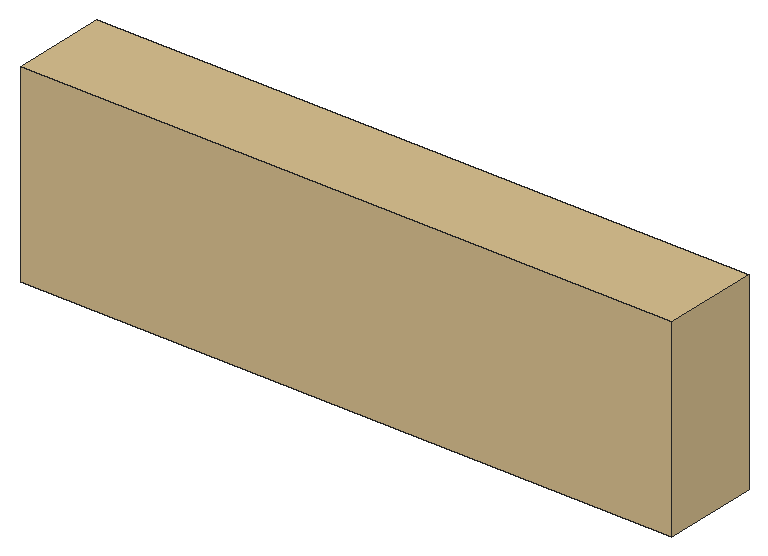
Revit family "Techlam Standard Beam-180mm", category Structural Framing, Revit 2016
Family settings
  Structural Framing Length Roundoff = 1 mm
  Section Shape = Not Defined
  Material for Model Behavior = Wood
  Always export as geometry = No
  Always vertical = Yes
  Cut with Voids When Loaded = No
  Symbolic Representation = From Project Settings
  Shared = No
  Show family pre-cut in plan views = Yes
Parameters (values of type "360 x 180")
  Structural Material [instance] = Wood - Dimensional Lumber
  Length [instance] = 1524 mm
  b = 180 mm
  d = 360 mm
  Angle [instance] = 0.00°
Types (22, lengths in mm): name | d
  (no name) | 360
  88 x 180 | 88
  135 x 180 | 135
  140 x 180 | 140
  180 x 180 | 180
  190 x 180 | 190
  225 x 180 | 225
  240 x 180 | 240
  270 x 180 | 270
  290 x 180 | 290
  315 x 180 | 315
  360 x 180 | 360
  405 x 180 | 405
  450 x 180 | 450
  495 x 180 | 495
  540 x 180 | 540
  585 x 180 | 585
  630 x 180 | 630
  675 x 180 | 675
  720 x 180 | 720
  765 x 180 | 765
  810 x 180 | 810
Reference planes
  plane 1 "Center (Front/Back)": y = 0
  plane 2: z = 0
  plane 3 "Center (Left/Right)": x = 4.61
  plane 4 "Member Left": x = -604.99
  plane 5 "Member Right": x = 614.21
  plane 6: y = 90
  plane 7: y = -90
  plane 8: z = 180
  plane 9: z = -180
  plane 10 "Left": x = -757.39
  plane 11 "Right": x = 766.61
Forms (mm)
  Sweep 1, solid, material "Wood - Dimensional Lumber" <- "Structural Material", detail levels medium+fine
    path origin (0, 0, 0) x (1, 0, 0) y (0, 1, 0)
      loop
        line (614.21, 0) -> (-604.99, 0)
    profile "M_Rectangular Wood Beam-Profile : M_Rectangular Wood Beam-Profile" origin (4.61, 0, 0) x (0, -1, 0) y (0, 0, 1)
      loop
        line (-90, -180) -> (90, -180) -> (90, 180) -> (-90, 180) -> (-90, -180)
Lines and regions (mm)
  reference lines
    curve 1: line (4.61, 0, 0) -> (4.61, 0, 75)
  symbolic lines, style "Stick Symbols", detail levels coarse
    curve 2: line (4.61, 90, 180) -> (4.61, -90, 180)
    curve 3: line (4.61, -90, -180) -> (4.61, 90, -180)
    curve 4: line (4.61, -90, 180) -> (4.61, -90, -180)
    curve 5: line (4.61, 90, -180) -> (4.61, 90, 180)
Dimensions and locks
  "b": plane 6 to plane 7
  "d": plane 9 to plane 8
  equal spacing: plane 9, plane 2, plane 8
  equal spacing: plane 6, plane 1 "Center (Front/Back)", plane 7
  "Length": plane 10 "Left" to plane 11 "Right"
  "Angle": angle plane 1 "Center (Front/Back)" to curve 1
  aligned and locked: Sweep 1 sketch curve to plane 1 "Center (Front/Back)"
  aligned and locked: curve 2 to Sweep 1
  aligned and locked: curve 3 to Sweep 1
  aligned and locked: curve 4 to Sweep 1
  aligned and locked: curve 5 to Sweep 1
  aligned and locked: plane 4 "Member Left" to Sweep 1 sketch curve
  aligned and locked: plane 5 "Member Right" to Sweep 1 sketch curve
Automatic sketch dimensions
  curve 1 to plane 1 "Center (Front/Back)" = 0 mm
  curve 1 to level = 0 mm
